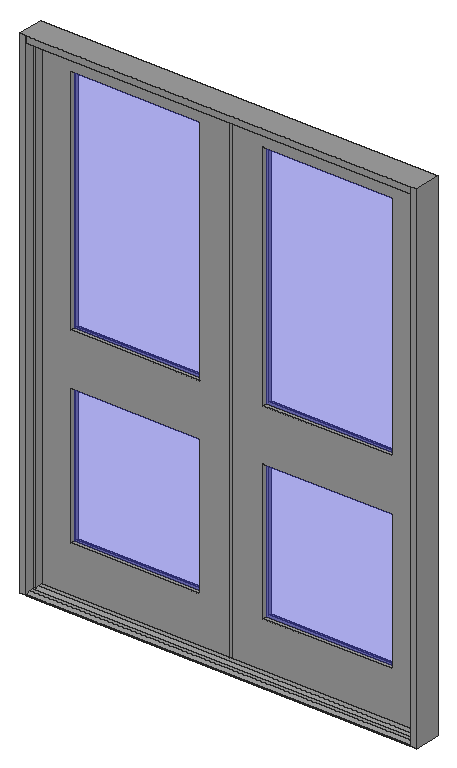
Revit family "WSD-500-StormMax-9-16inGlz-Curtain-Wall-Butt-Hinge-Pairs_Arc_v02", category Curtain Panels, Revit 2017
Family settings
  OmniClass Number = 23.25.20.14.11.11.17
  OmniClass Title = Infill Panels
  Always vertical = Yes
  Cut with Voids When Loaded = No
  Shared = No
Parameters
  Width [instance] = 6' - 2"
  URL = "obe.com"
  Rough Width [instance] = 6' - 4"
  Panel Width [instance] = Min Panel Width  # 6' - 1 13/16"
  Panel Offset [instance] = 0' - 0"
  Offset [instance] = 0' - 1"
  Model = "WSD-500 DOOR"
  Min Rough Width [instance] = if(Rough Width > 6' 2 3/16", Rough Width, 6' 2 3/16")  # 6' - 4"
  Min Panel Width [instance] = if(Rough Width > 6' 2 3/16", Rough Width - 0' 2 3/16", 6' 0")  # 6' - 1 13/16"
  Manufacturer = "Oldcastle BuildingEnvelope®"
  Keynote = "08 11 00"
  Height [instance] = 8' - 0"
  Pushbar Height [instance] = 3' - 5 1/4"  # constant formula
  Glass Material = Glass
  Frame Material = Aluminum
  Door Panel Height [instance] = Height - 0' 0 3/4"  # 7' - 11 1/4"
  Description = "WSD-500 - 9/16\" Door Infill"
  Assembly Code = "B2030"
  Analytic Construction = "<None>"
  8 Muntin [instance] = not([6.5 Muntin])  # yes
  6.5 Muntin [instance] = no
Reference planes (in)
  plane 1 "Front": y = 0
  plane 2: z = 0
  plane 3 "Center (Left/Right)": x = 0
  plane 4 "Left": x = -37
  plane 5 "Right": x = 37
  plane 6 "Top": z = 96
  plane 7 "Offset": y = -1
  plane 8: y = -1.86965
  plane 9: y = -1.86965
  plane 10: x = 38
  plane 11: x = -38
Forms (in)
  Sweep 1, solid, material "Aluminum" <- "Frame Material"
    path origin (0, -1, 0) x (-1, 0, 0) y (0, 0, 1)
      loop
        line (38, 0) -> (38, 96)
    profile origin (-38, -1, 48) x (1, 0, 0) y (0, 1, 0)
      loop
        line (1.125, -2.11187) -> (1.125, -0.23687) -> (0, -0.23687) -> (0, -5.23687) -> (1.125, -5.23687) -> (1.125, -3.47687) -> (1.625, -3.47687) -> (1.625, -2.11187) -> (1.125, -2.11187)
  Sweep 2, solid, material "Aluminum" <- "Frame Material"
    path origin (0, -1, 0) x (-1, 0, 0) y (0, 0, 1)
      loop
        line (-38, 0) -> (-38, 96)
    profile origin (38, -1, 48) x (1, 0, 0) y (0, 1, 0)
      loop
        line (-1.125, -2.11187) -> (-1.625, -2.11187) -> (-1.625, -3.47687) -> (-1.125, -3.47687) -> (-1.125, -5.23687) -> (0, -5.23687) -> (0, -0.23687) -> (-1.125, -0.23687) -> (-1.125, -2.11187)
  Sweep 3, solid, material "Aluminum" <- "Frame Material"
    path origin (0, -1, 0) x (-1, 0, 0) y (0, 0, 1)
      loop
        line (-38, 96) -> (38, 96)
    profile origin (0, -1, 96) x (0, 0, 1) y (0, 1, 0)
      loop
        line (-1.25, -0.23047) -> (-1.25, -2.10547) -> (-1.75, -2.10547) -> (-1.75, -3.47047) -> (-1.25, -3.47047) -> (-1.25, -5.23047) -> (0, -5.23047) -> (0, -0.23047) -> (-1.25, -0.23047)
Cuts and joins
  joined: Sweep 1, Sweep 2, Sweep 3
Text (in)
  text "Exterior" at (-54.29358, 31.38743, 0), in view "Ref. Level"
  text "Exterior" at (480, 41.53993, 89.60405), in view "Right"
  text "Exterior" at (-240, 57.82419, 105.78864), in view "Left"
Dimensions and locks (in)
  equal spacing: plane 4 "Left", plane 3 "Center (Left/Right)", plane 5 "Right"
  "Width": plane 4 "Left" to plane 5 "Right"
  "Height": plane 6 "Top" to plane 2
  "Offset": plane 1 "Front" to plane 7 "Offset"
  locked: plane 7 "Offset" to plane 8 at 0.86965
  locked: plane 7 "Offset" to plane 9 at 0.86965
  equal spacing: plane 11, plane 3 "Center (Left/Right)", plane 10
  "Min Rough Width": plane 11 to plane 10
  aligned and locked: level to plane 2
  aligned and locked: plane 6 "Top" to Sweep 1 sketch curve
  aligned and locked: level to Sweep 1 sketch curve
  aligned and locked: plane 6 "Top" to Sweep 2 sketch curve
  aligned and locked: level to Sweep 2 sketch curve
  aligned and locked: plane 6 "Top" to Sweep 3 sketch curve
  aligned and locked: plane 11 to Sweep 1 sketch curve
  aligned and locked: plane 10 to Sweep 2 sketch curve
  aligned and locked: plane 10 to Sweep 3 sketch curve
  aligned and locked: plane 11 to Sweep 3 sketch curve
  aligned and locked: plane 3 "Center (Left/Right)" to nested 1
Automatic sketch dimensions
  Sweep 3 sketch curve to plane 7 "Offset" = 0' - 0 59/256"
  profile plane to Sweep 3 sketch curve = 0' - 0"
  profile plane to Sweep 3 sketch curve = 0' - 1 1/4"
  Sweep 3 sketch curve to plane 7 "Offset" = 0' - 2 27/256"
  Sweep 3 sketch curve to Sweep 3 sketch curve = 0' - 0 1/2"  (x2)
  Sweep 3 sketch curve to Sweep 3 sketch curve = 0' - 1.365"
  Sweep 3 sketch curve to Sweep 3 sketch curve = 0' - 1.76"
  Sweep 2 sketch curve to profile plane = 0' - 0"
  profile plane to Sweep 2 sketch curve = 0' - 1 1/8"  (x2)
  Sweep 2 sketch curve to Sweep 2 sketch curve = 0' - 0 1/2"
  Sweep 2 sketch curve to plane 7 "Offset" = 0' - 5.23687"
  Sweep 2 sketch curve to Sweep 2 sketch curve = 0' - 1.76"
  Sweep 2 sketch curve to Sweep 2 sketch curve = 0' - 1.365"
  Sweep 2 sketch curve to plane 7 "Offset" = 0' - 0.23687"
  Sweep 1 sketch curve to profile plane = 0' - 0"
  Sweep 1 sketch curve to plane 7 "Offset" = 0' - 0.23687"
  Sweep 1 sketch curve to profile plane = 0' - 1 1/8"  (x2)
  Sweep 1 sketch curve to Sweep 1 sketch curve = 0' - 0 1/2"
  Sweep 1 sketch curve to Sweep 1 sketch curve = 0' - 1 7/8"
  Sweep 1 sketch curve to Sweep 1 sketch curve = 0' - 1.365"
  Sweep 1 sketch curve to Sweep 1 sketch curve = 0' - 1.76"
Nested families (in)
  nested 1: "WSD-500 DOOR-Double-9-16-PD-Panel" at (0, -32, 0), Width <- "Min Panel Width", Height <- "Door Panel Height", 6.5 Muntin <- "6.5 Muntin", Offset <- "Offset", type "WSD-500 DOOR-Double-9-16-PD-Panel"
    with Wing Width 3' - 0 29/32", built-in parameter 1001301 6' - 1 13/16", Pushbar Height 3' - 5 1/4", Offset 0' - 1", built-in parameter 1001300 7' - 11 1/4", Glass at Muntin 0' - 8 7/16", Glass Material Glass, Frame Material Aluminum, 8 Muntin yes, 6.5 Muntin no
Definition of nested family "WSD-500 DOOR-Double-9-16-PD-Panel"
  Parameters (values of type "WSD-500 DOOR-Double-9-16-PD-Panel")
    Wing Width [instance] = Width / 2  # 3' - 0"
    Width [instance] = 6' - 0"
    Pushbar Height [instance] = 3' - 5 1/4"  # constant formula
    Offset [instance] = 0' - 1"
    Height [instance] = 8' - 0"
    Glass at Muntin [instance] = if([6.5 Muntin], 0' 6 15/16", 0' 8 7/16")  # 0' - 6 15/16"
    Glass Material [instance] = none
    Frame Material [instance] = none
    Analytic Construction = "<None>"
    8 Muntin [instance] = not([6.5 Muntin])  # no
    6.5 Muntin [instance] = yes
  Reference planes (in)
    plane 1 "00": y = 29.90625
    plane 2: z = 0
    plane 3 "Center (Left/Right)": x = 0
    plane 4: z = 96
    plane 5: x = -36
    plane 6: x = 36
    plane 7 "Center (Front/Back)": y = 32
    plane 8 "Exterior": y = 30.40625
    plane 9: z = 48
    plane 10: z = 8.90625
    plane 11: z = 44.71875
    plane 12: z = 37.78125
    plane 13: z = 92.25
    plane 14: z = 0
    plane 15: x = -30.68725
    plane 16: x = 30.68725
    plane 17 "Offset": y = 31
    plane 18: z = 41.25
    plane 19: x = 5.2815
    plane 20: x = -5.2815
  Forms (in)
    Sweep 1, solid, material <- "Frame Material"
      path origin (0, 29.90625, 0) x (1, 0, 0) y (0, 0, 1)
        loop
          line (-35.79725, 96) -> (-0.22003, 96)
      profile origin (-18.00864, 29.90625, 96) x (0, 0, 1) y (0, -1, 0)
        loop
          line (-0.625, -0.73825) -> (-0.625, 1.01175) -> (-4.625, 1.01175) -> (-4.625, 0.28125) -> (-3.75, 0.28125) -> (-3.75, -0.28125) -> (-4.625, -0.28125) -> (-4.625, -0.73825) -> (-0.625, -0.73825)
    Sweep 2, solid, material <- "Frame Material"
      path origin (0, 29.90625, 0) x (1, 0, 0) y (0, 0, 1)
        loop
          line (-0.22003, 0) -> (-35.79725, 0)
      profile origin (-18.00864, 29.90625, 0) x (0, 0, -1) y (0, -1, 0)
        loop
          line (-9.6875, 1.01175) -> (-9.6875, 0.28125) -> (-8.9065, 0.28125) -> (-8.9065, -0.28125) -> (-9.6875, -0.28125) -> (-9.6875, -0.73825) -> (-0.6875, -0.73825) -> (-0.6875, 1.01175) -> (-9.6875, 1.01175)
    Sweep 3, solid, material <- "Frame Material"
      path origin (0, 29.90625, 0) x (1, 0, 0) y (0, 0, 1)
        loop
          line (36, 95.375) -> (36, 0.6875)
      profile origin (36, 29.90625, 48.03125) x (0, -1, 0) y (1, 0, 0)
        loop
          line (-0.73825, -0.09375) -> (-0.73825, -6.09375) -> (-0.28125, -6.09375) -> (-0.28125, -5.31275) -> (0.28125, -5.31275) -> (0.28125, -6.09375) -> (1.01175, -6.09375) -> (1.01175, -0.20275) -> (-0.73825, -0.09375)
    Sweep 4, solid, material <- "Frame Material"
      path origin (0, 29.90625, 0) x (1, 0, 0) y (0, 0, 1)
        loop
          line (-0.22003, 48) -> (-35.79725, 48)
      profile origin (-18.00864, 29.90625, 48) x (0, 0, -1) y (0, -1, 0)
        loop
          line (2.50025, -0.28125) -> (2.50025, -0.73825) -> (11.00025, -0.73825) -> (11.00025, -0.28125) -> (10.21875, -0.28125) -> (10.21875, 0.28125) -> (11.00025, 0.28125) -> (11.00025, 1.01175) -> (2.50025, 1.01175) -> (2.50025, 0.28125) -> (3.28125, 0.28125) -> (3.28125, -0.28125) -> (2.50025, -0.28125)
    Sweep 5, solid, material <- "Frame Material"
      path origin (0, 29.90625, 0) x (1, 0, 0) y (0, 0, 1)
        loop
          line (0, 95.25) -> (0, 0.6875)
      profile origin (0, 29.90625, 47.96875) x (0, -1, 0) y (1, 0, 0)
        loop
          line (-0.73825, -6.06249) -> (-0.28125, -6.06249) -> (-0.28125, -5.28149) -> (0.28125, -5.28149) -> (0.28125, -6.06249) -> (1.01175, -6.06249) -> (1.01175, -0.22003)
          arc (1.01175, -0.22003) -> (0.13675, -0.06251) -> (-0.73825, -0.22003) r 2.50889
          line (-0.73825, -0.22003) -> (-0.73825, -6.06249)
        loop
          line (1.01175, 0.22063) -> (1.01175, 6.06251) -> (0.28125, 6.06251) -> (0.28125, 5.28151) -> (-0.28125, 5.28151) -> (-0.28125, 6.06251) -> (-0.73825, 6.06251) -> (-0.73825, 0.22063)
          arc (-0.73825, 0.22063) -> (0.13675, 0.06251) -> (1.01175, 0.22063) r 2.5
    Sweep 6, solid, material <- "Frame Material"
      path origin (0, 29.90625, 0) x (1, 0, 0) y (0, 0, 1)
        loop
          line (0.22063, 96) -> (35.78977, 96)
      profile origin (18.0052, 29.90625, 96) x (0, 0, 1) y (0, -1, 0)
        loop
          line (-4.625, -0.73825) -> (-0.625, -0.73825) -> (-0.625, 1.01175) -> (-4.625, 1.01175) -> (-4.625, 0.28125) -> (-3.75, 0.28125) -> (-3.75, -0.28125) -> (-4.625, -0.28125) -> (-4.625, -0.73825)
    Sweep 7, solid, material <- "Frame Material"
      path origin (0, -4.95703, 0) x (1, 0, 0) y (0, 0, 1)
        loop
          line (35.79725, 48) -> (0.22063, 48)
      profile origin (18.00894, -4.95703, 48) x (0, 0, -1) y (0, -1, 0)
        loop
          line (2.50025, -34.58203) -> (3.28125, -34.58203) -> (3.28125, -35.14453) -> (2.50025, -35.14453) -> (2.50025, -35.60153) -> (11.00025, -35.60153) -> (11.00025, -35.14453) -> (10.21875, -35.14453) -> (10.21875, -34.58203) -> (11.00025, -34.58203) -> (11.00025, -33.85153) -> (2.50025, -33.85153) -> (2.50025, -34.58203)
    Sweep 8, solid, material <- "Frame Material"
      path origin (0, 29.90625, 0) x (1, 0, 0) y (0, 0, 1)
        loop
          line (35.79725, 0) -> (0.22063, 0)
      profile origin (18.00894, 29.90625, 0) x (0, 0, -1) y (0, -1, 0)
        loop
          line (-0.6875, -0.73825) -> (-0.6875, 1.01175) -> (-9.6875, 1.01175) -> (-9.6875, 0.28125) -> (-8.90625, 0.28125) -> (-8.90625, -0.28125) -> (-9.6875, -0.28125) -> (-9.6875, -0.73825) -> (-0.6875, -0.73825)
    Extrusion 9, solid, material <- "Glass Material", detail levels coarse
      sketch origin (0, 0, 0) x (1, 0, 0) y (0, 1, 0)
        loop
          line (5.2815, 30.1875) -> (5.2815, 29.625) -> (30.68725, 29.625) -> (30.68725, 30.1875) -> (5.2815, 30.1875)
      from 37.78125 to 8.90625
    Extrusion 10, solid, material <- "Glass Material", detail levels medium+fine
      sketch origin (0, 0, 0) x (1, 0, 0) y (0, 1, 0)
        loop
          line (5.2815, 30.1875) -> (5.2815, 29.95075) -> (30.68725, 29.95075) -> (30.68725, 30.1875) -> (5.2815, 30.1875)
        loop
          line (30.68725, 29.86175) -> (5.2815, 29.86175) -> (5.2815, 29.625) -> (30.68725, 29.625) -> (30.68725, 29.86175)
      from 8.90625 to 37.78125
    Extrusion 11, solid, material <- "Glass Material", detail levels medium+fine
      sketch origin (0, 0, 0) x (1, 0, 0) y (0, 1, 0)
        loop
          line (30.68725, 30.1875) -> (5.2815, 30.1875) -> (5.2815, 29.95075) -> (30.68725, 29.95075) -> (30.68725, 30.1875)
        loop
          line (5.2815, 29.86175) -> (5.2815, 29.625) -> (30.68725, 29.625) -> (30.68725, 29.86175) -> (5.2815, 29.86175)
      from 44.71875 to 92.25
    Extrusion 12, solid, material <- "Glass Material", detail levels coarse
      sketch origin (0, 0, 0) x (1, 0, 0) y (0, 1, 0)
        loop
          line (5.2815, 30.1875) -> (5.2815, 29.625) -> (30.68725, 29.625) -> (30.68725, 30.1875) -> (5.2815, 30.1875)
      from 44.71875 to 92.25
    Extrusion 13, solid, material <- "Glass Material", detail levels medium+fine
      sketch origin (0, 0, 0) x (1, 0, 0) y (0, 1, 0)
        loop
          line (-5.2815, 30.1875) -> (-30.68725, 30.1875) -> (-30.68725, 29.95075) -> (-5.2815, 29.95075) -> (-5.2815, 30.1875)
        loop
          line (-30.68725, 29.86175) -> (-30.68725, 29.625) -> (-5.2815, 29.625) -> (-5.2815, 29.86175) -> (-30.68725, 29.86175)
      from 8.90625 to 37.78125
    Extrusion 14, solid, material <- "Glass Material", detail levels coarse
      sketch origin (0, 0, 0) x (1, 0, 0) y (0, 1, 0)
        loop
          line (-5.2815, 30.1875) -> (-30.68725, 30.1875) -> (-30.68725, 29.625) -> (-5.2815, 29.625) -> (-5.2815, 30.1875)
      from 44.71875 to 92.25
    Extrusion 15, solid, material <- "Glass Material", detail levels coarse
      sketch origin (0, 0, 0) x (1, 0, 0) y (0, 1, 0)
        loop
          line (-30.68725, 30.1875) -> (-30.68725, 29.625) -> (-5.2815, 29.625) -> (-5.2815, 30.1875) -> (-30.68725, 30.1875)
      from 8.90625 to 37.78125
    Extrusion 16, solid, material <- "Glass Material", detail levels medium+fine
      sketch origin (0, 0, 0) x (1, 0, 0) y (0, 1, 0)
        loop
          line (-5.2815, 29.625) -> (-5.2815, 29.86175) -> (-30.68725, 29.86175) -> (-30.68725, 29.625) -> (-5.2815, 29.625)
        loop
          line (-30.68725, 29.95075) -> (-5.2815, 29.95075) -> (-5.2815, 30.1875) -> (-30.68725, 30.1875) -> (-30.68725, 29.95075)
      from 44.71875 to 92.25
    Sweep 17, solid, material <- "Frame Material"
      path origin (0, 31, 0) x (1, 0, 0) y (0, 0, 1)
        loop
          line (-35.79725, 0) -> (35.79725, 0)
      profile origin (0, 31, 0) x (0, 0, 1) y (0, -1, 0)
        loop
          line (0.5, 0.3555) -> (0.5, 2.129) -> (0.844, 2.129) -> (0.844, 3.124) -> (0.5, 3.72051) -> (0.5, 4.4805) -> (0.125, 5.2305) -> (0, 5.2305) -> (0, -0.3945) -> (0.125, -0.3945) -> (0.5, 0.3555)
    Sweep 18, solid, material <- "Frame Material"
      path origin (0, 31, 0) x (1, 0, 0) y (0, 0, 1)
        loop
          line (-35.79725, 95.375) -> (-35.79725, 0.6875)
      profile origin (-35.79725, 31, 48.03125) x (0, -1, 0) y (1, 0, 0)
        loop
          line (0.3555, -0.10898) -> (2.1055, 0) -> (2.1055, 5.89172) -> (1.375, 5.89172) -> (1.375, 5.11) -> (0.8125, 5.11) -> (0.8125, 5.89172) -> (0.3555, 5.89172) -> (0.3555, -0.10898)
  Cuts and joins
    joined: Sweep 1, Sweep 2, Sweep 3, Sweep 4, Sweep 5, Sweep 6, Sweep 7, Sweep 8, Sweep 18
  Lines and regions (in)
    model lines
      curve 1: line (4.59371, 30.40625, 91.84) -> (29.80373, 30.40625, 48)
      curve 2: line (29.80373, 30.40625, 48) -> (4.59371, 30.40625, 9.4375)
      curve 3: line (-4.5985, 30.40625, 91.85497) -> (-29.78355, 30.40625, 48)
      curve 4: line (-29.78355, 30.40625, 48) -> (-4.5985, 30.40625, 9.4375)
  Dimensions and locks (in)
    "Height": plane 4 to level
    equal spacing: plane 5, plane 3 "Center (Left/Right)", plane 6
    "Offset": plane 17 "Offset" to plane 7 "Center (Front/Back)"
    equal spacing: level, plane 9, plane 4
    locked: Sweep 6 sketch curve to plane 3 "Center (Left/Right)" at 0.22063
    locked: Sweep 5 sketch curve to plane 4 at 0.75
    equal spacing: plane 4, plane 9, plane 14
    locked: plane 4 to plane 13 at 3.75
    locked: plane 10 to plane 14 at 8.90625
    locked: plane 5 to plane 15 at 5.31275
    locked: plane 16 to plane 6 at 5.31275
    "Width": plane 5 to plane 6
    plane 1 "00" to plane 8 "Exterior" to plane 17 "Offset" = 0' - 0 1/2" locked, 0' - 0 19/32" locked
    locked: plane 12 to Sweep 7 sketch curve at 0.7815  (x2)
    locked: Sweep 7 sketch curve to plane 11 at 0.781
    locked: plane 11 to Sweep 7 sketch curve at 0.781
    locked: plane 12 to Sweep 4 sketch curve at 0.7815  (x2)
    locked: Sweep 4 sketch curve to plane 11 at 0.781  (x2)
    locked: plane 6 to Sweep 6 sketch curve at 0.21023
    plane 17 "Offset" to Extrusion 10 sketch curve to Extrusion 10 sketch curve to Extrusion 10 sketch curve to Extrusion 10 sketch curve = 0' - 0 13/16" locked, 0' - 0.23675" locked, 0' - 0.089" locked, 0' - 0.23675" locked
    plane 17 "Offset" to Extrusion 9 sketch curve to Extrusion 9 sketch curve = 0' - 0 13/16" locked, 0' - 0 9/16" locked
    "Glass at Muntin": plane 11 to plane 12
    equal spacing: plane 11, plane 18, plane 12
    "Pushbar Height": plane 18 to plane 14
    Extrusion 14 sketch curve to Extrusion 14 sketch curve to plane 17 "Offset" = 0' - 0 9/16" locked, 0' - 0 13/16" locked
    Extrusion 16 sketch curve to Extrusion 16 sketch curve to Extrusion 16 sketch curve to Extrusion 16 sketch curve to plane 17 "Offset" = 0' - 0.23675" locked, 0' - 0.089" locked, 0' - 0.23675" locked, 0' - 0 13/16" locked
    Extrusion 11 sketch curve to Extrusion 11 sketch curve to Extrusion 11 sketch curve to Extrusion 11 sketch curve to plane 17 "Offset" = 0' - 0.23675" locked, 0' - 0.089" locked, 0' - 0.23675" locked, 0' - 0 13/16" locked
    Extrusion 13 sketch curve to Extrusion 13 sketch curve to Extrusion 13 sketch curve to Extrusion 13 sketch curve to plane 17 "Offset" = 0' - 0.23675" locked, 0' - 0.089" locked, 0' - 0.23675" locked, 0' - 0 13/16" locked
    Extrusion 15 sketch curve to Extrusion 15 sketch curve to plane 17 "Offset" = 0' - 0 9/16" locked, 0' - 0 13/16" locked
    locked: plane 14 to Sweep 5 sketch curve at 0.6875
    Sweep 7 sketch curve to plane 1 "00" to Sweep 7 sketch curve = 0' - 0.73825" locked, 0' - 1.01175" locked
    Extrusion 12 sketch curve to Extrusion 12 sketch curve to plane 17 "Offset" = 0' - 0 9/16" locked, 0' - 0 13/16" locked
    plane 20 to plane 3 "Center (Left/Right)" to plane 19 = 0' - 5.2815" locked, 0' - 5.2815" locked
    aligned and locked: plane 2 to level
    aligned and locked: Sweep 1 sketch curve to plane 4
    aligned and locked: Sweep 2 sketch curve to level
    aligned and locked: Sweep 4 sketch curve to plane 9
    aligned and locked: plane 3 "Center (Left/Right)" to Sweep 5 sketch curve
    aligned and locked: Sweep 8 sketch curve to level
    aligned and locked: Sweep 7 sketch curve to plane 9
    aligned and locked: plane 4 to Sweep 6 sketch curve
    aligned and locked: Extrusion 13 to plane 10
    aligned and locked: plane 12 to Extrusion 13
    aligned and locked: Extrusion 14 to plane 11
    aligned and locked: Extrusion 16 to plane 11
    aligned and locked: Extrusion 15 to plane 10
    aligned and locked: plane 12 to Extrusion 15
    aligned and locked: Extrusion 11 to plane 11
    aligned and locked: Extrusion 12 to plane 11
    aligned and locked: plane 12 to Extrusion 9
    aligned and locked: plane 12 to Extrusion 10
    aligned and locked: Extrusion 10 to plane 10
    aligned and locked: Extrusion 9 to plane 10
    aligned and locked: plane 9 to curve 4
    aligned and locked: Sweep 3 sketch curve to plane 6
    aligned and locked: Sweep 17 sketch curve to plane 14
    aligned and locked: Sweep 3 sketch curve to Sweep 3 sketch curve
    aligned and locked: Extrusion 10 sketch curve to Extrusion 10 sketch curve  (x2)
    aligned and locked: Extrusion 16 sketch curve to Extrusion 16 sketch curve
    aligned and locked: Extrusion 13 sketch curve to Extrusion 13 sketch curve
    aligned and locked: Sweep 18 sketch curve to Sweep 8
    aligned and locked: Sweep 1 to Sweep 18 sketch curve
    aligned and locked: Sweep 3 sketch curve to Sweep 6
    aligned and locked: plane 13 to Extrusion 16
    aligned and locked: plane 13 to Extrusion 14
    aligned and locked: plane 13 to Extrusion 12
    aligned and locked: plane 13 to Extrusion 11
    aligned and locked: plane 16 to Extrusion 10 sketch curve
    aligned and locked: plane 16 to Extrusion 9 sketch curve
    aligned and locked: Extrusion 9 to plane 19
    aligned and locked: Extrusion 10 to plane 19
    aligned and locked: Extrusion 15 to plane 20
    aligned and locked: Extrusion 13 to plane 20  (x2)
    aligned and locked: Extrusion 13 to plane 15
    aligned and locked: Extrusion 15 to plane 15
    aligned and locked: plane 19 to Extrusion 12 sketch curve
    aligned and locked: plane 19 to Extrusion 11 sketch curve
    aligned and locked: Extrusion 11 sketch curve to plane 19
    aligned and locked: plane 20 to Extrusion 16 sketch curve
    aligned and locked: Extrusion 16 sketch curve to plane 20
    aligned and locked: Extrusion 14 sketch curve to plane 20
    aligned and locked: plane 15 to Extrusion 14 sketch curve
    aligned and locked: plane 15 to Extrusion 16 sketch curve
    aligned and locked: Extrusion 12 sketch curve to plane 16
    aligned and locked: plane 16 to Extrusion 11 sketch curve  (x2)
  Automatic sketch dimensions
    curve 2 to plane 9 = 0' - 0"
    plane 15 to curve 3 = 0' - 0.9037"
    plane 10 to curve 4 = 0' - 0 17/32"
    plane 10 to curve 2 = 0' - 0 17/32"
    curve 1 to plane 13 = 0' - 0.41"
    curve 3 to plane 13 = 0' - 0.39503"
    plane 16 to curve 2 = 0' - 0.88352"
    curve 3 to plane 3 "Center (Left/Right)" = 0' - 4.5985"
    curve 4 to plane 3 "Center (Left/Right)" = 0' - 4.5985"
    plane 3 "Center (Left/Right)" to curve 2 = 0' - 4.59371"
    plane 3 "Center (Left/Right)" to curve 1 = 0' - 4.59371"
    Sweep 8 sketch curve to plane 6 = 0' - 0.20275"
    plane 3 "Center (Left/Right)" to Sweep 8 sketch curve = 0' - 0.22063"
    plane 5 to Sweep 2 sketch curve = 0' - 0.20275"
    Sweep 2 sketch curve to plane 3 "Center (Left/Right)" = 0' - 0.22003"
    plane 3 "Center (Left/Right)" to Sweep 7 sketch curve = 0' - 0.22063"
    Sweep 7 sketch curve to plane 6 = 0' - 0.20275"
    plane 5 to Sweep 4 sketch curve = 0' - 0.20275"
    Sweep 4 sketch curve to plane 3 "Center (Left/Right)" = 0' - 0.22003"
    Sweep 1 sketch curve to plane 3 "Center (Left/Right)" = 0' - 0.22003"
    plane 5 to Sweep 1 sketch curve = 0' - 0.20275"
    plane 5 to Sweep 17 sketch curve = 0' - 0.20275"
    level to Sweep 3 sketch curve = 0' - 0 11/16"
    Extrusion 15 sketch curve to plane 3 "Center (Left/Right)" = 0' - 5.2815"
    Extrusion 13 sketch curve to plane 3 "Center (Left/Right)" = 0' - 5.2815"
    Extrusion 13 sketch curve to Extrusion 13 sketch curve = 0' - 0"
    Sweep 17 sketch curve to plane 6 = 0' - 0.20275"
    plane 3 "Center (Left/Right)" to Extrusion 9 sketch curve = 0' - 5.2815"
    plane 3 "Center (Left/Right)" to Extrusion 10 sketch curve = 0' - 5.2815"
    plane 15 to Extrusion 13 sketch curve = 0' - 0"
    plane 15 to Extrusion 15 sketch curve = 0' - 0"
    Sweep 1 sketch curve to plane 1 "00" = 0' - 0.73825"
    profile plane to Sweep 1 sketch curve = 0' - 4 5/8"
    Sweep 1 sketch curve to Sweep 1 sketch curve = 0' - 0"
    plane 1 "00" to Sweep 1 sketch curve = 0' - 0 9/32"
    Sweep 1 sketch curve to Sweep 1 sketch curve = 0' - 0 7/8"
    profile plane to Sweep 1 sketch curve = 0' - 0 5/8"
    Sweep 1 sketch curve to plane 1 "00" = 0' - 0 9/32"
    plane 1 "00" to Sweep 1 sketch curve = 0' - 1.01175"
    Sweep 6 sketch curve to plane 1 "00" = 0' - 0.73825"
    profile plane to Sweep 6 sketch curve = 0' - 4 5/8"
    Sweep 6 sketch curve to Sweep 6 sketch curve = 0' - 0"
    plane 1 "00" to Sweep 6 sketch curve = 0' - 0 9/32"
    Sweep 6 sketch curve to Sweep 6 sketch curve = 0' - 0 7/8"
    profile plane to Sweep 6 sketch curve = 0' - 0 5/8"
    Sweep 6 sketch curve to plane 1 "00" = 0' - 0 9/32"
    Sweep 6 sketch curve to Sweep 6 sketch curve = 0' - 0.7305"
    profile plane to Sweep 3 sketch curve = 0' - 0 3/32"
    Sweep 3 sketch curve to plane 1 "00" = 0' - 0.73825"
    Sweep 3 sketch curve to plane 1 "00" = 0' - 0 9/32"
    plane 1 "00" to Sweep 3 sketch curve = 0' - 0 9/32"
    profile plane to Sweep 3 sketch curve = 0' - 0.20275"
    plane 1 "00" to Sweep 3 sketch curve = 0' - 1.01175"
    Sweep 3 sketch curve to Sweep 3 sketch curve = 0' - 5.11"
    Sweep 3 sketch curve to Sweep 3 sketch curve = 0' - 0.781"
    Sweep 5 sketch curve to plane 1 "00" = 0' - 0.73825"  (x2)
    Sweep 5 sketch curve to Sweep 5 sketch curve = 0' - 0.457"
    Sweep 5 sketch curve to plane 1 "00" = 0' - 0 9/32"
    plane 1 "00" to Sweep 5 sketch curve = 0' - 0.13675"  (x2)
    plane 1 "00" to Sweep 5 sketch curve = 0' - 0 9/32"  (x2)
    Sweep 5 sketch curve to Sweep 5 sketch curve = 0' - 0.7305"  (x2)
    profile plane to Sweep 5 sketch curve = 0' - 6 1/16"
    Sweep 5 sketch curve to Sweep 5 sketch curve = 0' - 0"
    Sweep 5 sketch curve to Sweep 5 sketch curve = 0' - 0.781"  (x3)
    Sweep 5 sketch curve to Sweep 5 sketch curve = 0' - 2.71009"
    profile plane to Sweep 5 sketch curve = 0' - 0.22003"
    Sweep 5 sketch curve to profile plane = 0' - 0.22063"
    Sweep 5 sketch curve to Sweep 5 sketch curve = 0' - 2.34187"
    Sweep 5 sketch curve to Sweep 5 sketch curve = 0' - 2.719"
    profile plane to Sweep 17 sketch curve = 0' - 0"
    Sweep 17 sketch curve to profile plane = 0' - 0 1/8"  (x2)
    Sweep 17 sketch curve to profile plane = 0' - 0 1/2"  (x2)
    Sweep 17 sketch curve to Sweep 17 sketch curve = 0' - 0.344"
    Sweep 17 sketch curve to plane 17 "Offset" = 0' - 0.3945"
    plane 17 "Offset" to Sweep 17 sketch curve = 0' - 0.3555"
    Sweep 17 sketch curve to Sweep 17 sketch curve = 0' - 1.7735"
    Sweep 17 sketch curve to Sweep 17 sketch curve = 0' - 0.995"
    Sweep 17 sketch curve to Sweep 17 sketch curve = 0' - 0.59651"
    Sweep 17 sketch curve to Sweep 17 sketch curve = 0' - 0.75999"
    Sweep 17 sketch curve to Sweep 17 sketch curve = 0' - 0 3/4"
    plane 1 "00" to Sweep 8 sketch curve = 0' - 0 9/32"
    profile plane to Sweep 8 sketch curve = 0' - 9 11/16"
    Sweep 8 sketch curve to Sweep 8 sketch curve = 0' - 0"
    Sweep 8 sketch curve to Sweep 8 sketch curve = 0' - 0 25/32"
    profile plane to Sweep 8 sketch curve = 0' - 0 11/16"
    Sweep 8 sketch curve to plane 1 "00" = 0' - 0 9/32"
    Sweep 8 sketch curve to plane 1 "00" = 0' - 0.73825"
    plane 1 "00" to Sweep 8 sketch curve = 0' - 1.01175"
    plane 1 "00" to Sweep 2 sketch curve = 0' - 1.01175"
    profile plane to Sweep 2 sketch curve = 0' - 9 11/16"
    Sweep 2 sketch curve to Sweep 2 sketch curve = 0' - 0"
    plane 1 "00" to Sweep 2 sketch curve = 0' - 0 9/32"
    Sweep 2 sketch curve to Sweep 2 sketch curve = 0' - 0.781"
    profile plane to Sweep 2 sketch curve = 0' - 0 11/16"
    Sweep 2 sketch curve to plane 1 "00" = 0' - 0 9/32"
    Sweep 2 sketch curve to plane 1 "00" = 0' - 0.73825"
    plane 1 "00" to Sweep 4 sketch curve = 0' - 0 9/32"  (x2)
    Sweep 4 sketch curve to Sweep 4 sketch curve = 0' - 0.781"
    Sweep 4 sketch curve to Sweep 4 sketch curve = 0' - 0.7815"
    Sweep 4 sketch curve to plane 1 "00" = 0' - 0 9/32"  (x2)
    Sweep 4 sketch curve to Sweep 4 sketch curve = 0' - 0.457"
    Sweep 4 sketch curve to Sweep 4 sketch curve = 0' - 0.7305"
    Sweep 7 sketch curve to Sweep 7 sketch curve = 0' - 0.781"
    Sweep 7 sketch curve to Sweep 7 sketch curve = 0' - 0.7815"
    Sweep 7 sketch curve to Sweep 7 sketch curve = 0' - 0.457"  (x2)
    Sweep 7 sketch curve to Sweep 7 sketch curve = 0' - 0 9/16"  (x2)
    plane 5 to Sweep 18 sketch curve = 0' - 0.20275"
    Sweep 18 sketch curve to profile plane = 0' - 0"
    plane 17 "Offset" to Sweep 18 sketch curve = 0' - 0.3555"
    plane 17 "Offset" to Sweep 18 sketch curve = 0' - 0 13/16"
    Sweep 18 sketch curve to Sweep 18 sketch curve = 0' - 0 9/16"
    Sweep 18 sketch curve to Sweep 18 sketch curve = 0' - 0.7305"
    Sweep 18 sketch curve to profile plane = 0' - 5.11"
    Sweep 18 sketch curve to Sweep 18 sketch curve = 0' - 0.78172"
    Sweep 18 sketch curve to Sweep 18 sketch curve = 0' - 0"
    profile plane to Sweep 18 sketch curve = 0' - 0.10898"
